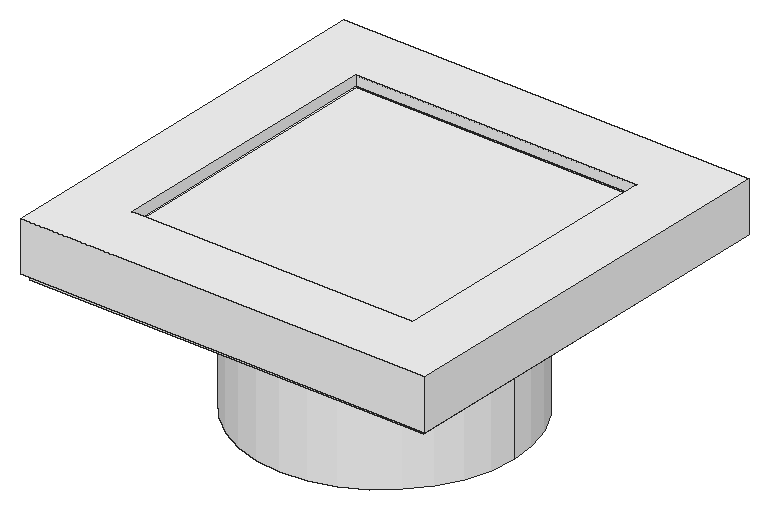
Revit family "Gira_029603", category Electrical Fixtures, host Face, Revit 2017
Family settings
  Host = Face
  Maintain Annotation Orientation = Yes
  Round Connector Dimension = Use Diameter
  Part Type = Normal
  Cut with Voids When Loaded = No
  Shared = No
  Room Calculation Point = No
Parameters (values of type "Wippe System 55 Reinweiß")
  White [instance] = White
  Werkstoffgüte = "Thermoplast"
  Werkstoff = "Kunststoff"
  Verwendung = "Schalter/Taster"
  URL = "http://katalog.gira.de/de_DE/datenblatt.html?artikelnr=029603"
  Region = "DE"
  RAL-Nummer (ähnlich) = "9010 "
  Oberfläche = "sonstige"
  Name = "Wippe System 55 Reinweiß"
  Model = "Sys55_Komplettgerät_Schalten und Tasten"
  Mit austauschbarer Linse/Symbol = "No"
  Mit Beschriftungsfeld = "No"
  Manufacturer URL = "https://www.gira.de/"
  Kontrollfenster/Lichtauslass = "No"
  HeinzeBIM = "https://bimportal.heinze.de/bim/wippe-system-55-reinweiss/a55e00bda79fb94a13a75ee73137dbaa98c1a2b5"
  Halogenfrei = "Yes"
  HAN = "029603"
  Geeignet für Schutzart (IP) = "IP20"
  Geeignet für Bussystem-Tasterankopplung = "Yes"
  GTIN = "4010337296034"
  Farbe = "weiß"
  Default Elevation = 1219.2 mm
  Data sheet (1) = "https://katalog.gira.de/de_DE/download.html?artikelnr=029603"
  Category = "Abdeckung/Bedienelement für Installationsschalterprogramme"
  Befestigungsart = "Klemmbefestigung"
  Available = "Yes"
  Ausführung der Oberfläche = "glänzend"
  Ausführung = "einteilige Wippe"
  Aufdruck/Kennzeichnung = "ohne Aufdruck"
  Abtastbares Symbol/barrierefrei = "No"
Reference planes
  plane 1 "Center (Front/Back)": y = 0
  plane 2: z = 0
  plane 3 "Center (Left/Right)": x = 0
Forms (mm)
  Extrusion 1, solid, material "White" <- "White", detail levels medium
    sketch origin (0, 0, 0) x (1, 0, 0) y (0, 1, 0)
      loop
        line (-40.4, 40.4) -> (-40.4, -40.4) -> (40.4, -40.4) -> (40.4, 40.4) -> (-40.4, 40.4)
      loop
        line (-28, 28) -> (-28, -28) -> (28, -28) -> (28, 28) -> (-28, 28)
    from 0 to 10
  Extrusion 2, solid, material "White" <- "White", detail levels fine
    sketch origin (0, 0, 0) x (1, 0, 0) y (0, 1, 0)
      loop
        line (-40.4, 40.4) -> (-40.4, -40.4) -> (40.4, -40.4) -> (40.4, 40.4) -> (-40.4, 40.4)
      loop
        line (-28, 28) -> (-28, -28) -> (28, -28) -> (28, 28) -> (-28, 28)
    from 0 to 10
  Extrusion 3, void
    sketch origin (0, 0, 0) x (1, 0, 0) y (0, 1, 0)
      loop
        line (-38.4, 38.4) -> (-38.4, -38.4) -> (38.4, -38.4) -> (38.4, 38.4) -> (-38.4, 38.4)
    from 0 to 8
  Extrusion 4, solid, material "White" <- "White", detail levels medium+fine
    sketch origin (0, 0, 0) x (1, 0, 0) y (0, 1, 0)
      loop
        line (-39.4, 39.4) -> (-39.4, -39.4) -> (39.4, -39.4) -> (39.4, 39.4) -> (-39.4, 39.4)
    from 0 to -1
  Extrusion 5, solid, material "White" <- "White", detail levels medium+fine
    sketch origin (0, 0, 0) x (1, 0, 0) y (0, 1, 0)
      loop
        line (-35.5, 35.5) -> (-35.5, -35.5) -> (35.5, -35.5) -> (35.5, 35.5) -> (-35.5, 35.5)
    from -2 to -3
  Extrusion 6, solid, material "White" <- "White", detail levels medium+fine
    sketch origin (0, 0, 0) x (1, 0, 0) y (0, 1, 0)
      loop
        circle (0, 0) r 26
    from 0 to -27.5
  Extrusion 7, solid, material "White" <- "White", detail levels coarse
    sketch origin (0, 0, 0) x (1, 0, 0) y (0, 1, 0)
      loop
        line (-40.4, 40.4) -> (-40.4, -40.4) -> (40.4, -40.4) -> (40.4, 40.4) -> (-40.4, 40.4)
    from -27.5 to 10
Cuts and joins
  Extrusion 3 cuts Extrusion 2
Dimensions and locks
  aligned and locked: plane 2 to host face
  aligned and locked: level to host face
  aligned and locked: plane 3 "Center (Left/Right)" to nested 2
  aligned and locked: plane 1 "Center (Front/Back)" to nested 2
Nested families
  nested 1: "Sys55_Abdeckung_Schalten und Tasten_floor_base" at (0, 0, 0), type "Sys55_Abdeckung_Schalten und Tasten_floor_base"
  nested 2: "Schalter" at (0, 0, 0), type "Schalter"
Connectors
  electrical at (0, 0, -27.5)
    settings: on Extrusion 6, index 1, voltage 220 V, apparent load 0 VA, apparent load phase1 0 VA, apparent load phase2 0 VA, apparent load phase3 0 VA, power factor 1, load classification "Other", number of poles 1, system type 30, power factor state 1, is connector primary yes, connector utility no, sub classification motor no, connector description ""
Definition of nested family "Sys55_Abdeckung_Schalten und Tasten_floor_base"
  Parameters
    Default Elevation = 1219.2 mm
    White [instance] = none
  Reference planes
    plane 1 "Center (Front/Back)": y = 0
    plane 2: z = 0
    plane 3 "Center (Left/Right)": x = 0
  Forms (mm)
    Extrusion 1, solid
      sketch origin (0, 0, 0) x (1, 0, 0) y (0, 1, 0)
        loop
          line (-1219.2, 1219.2) -> (-1219.2, -1219.2) -> (1219.2, -1219.2) -> (1219.2, 1219.2) -> (-1219.2, 1219.2)
      from 0 to -304.8
    Extrusion 2, solid, material <- "White", detail levels fine
      sketch origin (0, 0, 0) x (1, 0, 0) y (0, 1, 0)
        loop
          line (-27.5, 27.5) -> (-27.5, -27.5) -> (27.5, -27.5) -> (27.5, 27.5) -> (-27.5, 27.5)
      from 0 to 8
    Extrusion 3, void
      sketch origin (0, 0, 0) x (1, 0, 0) y (0, 1, 0)
        loop
          line (26, 26) -> (-26, 26) -> (-26, -26) -> (26, -26) -> (26, 26)
      from 0 to 6
    Extrusion 4, solid, material <- "White", detail levels medium
      sketch origin (0, 0, 0) x (1, 0, 0) y (0, 1, 0)
        loop
          line (-27.5, 27.5) -> (-27.5, -27.5) -> (27.5, -27.5) -> (27.5, 27.5) -> (-27.5, 27.5)
      from 0 to 8
    Extrusion 5, solid, material <- "White", detail levels medium
      sketch origin (0, 0, 0) x (1, 0, 0) y (0, 1, 0)
        loop
          line (11, -17.5) -> (11, 17.5) -> (-11, 17.5) -> (-11, -17.5) -> (11, -17.5)
      from -6 to 6
    Extrusion 6, solid, material <- "White", detail levels fine
      sketch origin (0, 0, 0) x (1, 0, 0) y (0, 1, 0)
        loop
          line (11, 17.5) -> (-11, 17.5) -> (-11, 16.5) -> (11, 16.5) -> (11, 17.5)
        loop
          line (-11, -16.5) -> (-11, -17.5) -> (11, -17.5) -> (11, -16.5) -> (-11, -16.5)
      from -4 to 6
    Extrusion 7, solid, material <- "White", detail levels fine
      sketch origin (0, 0, 0) x (1, 0, 0) y (0, 1, 0)
        loop
          arc (5, 9.347) -> (0, 10.6) -> (-5, 9.347) r 10.6
          line (-5, 9.347) -> (-5, -9.347)
          arc (-5, -9.347) -> (0, -10.6) -> (5, -9.347) r 10.6
          line (5, -9.347) -> (5, 9.347)
      from -6 to 6
    Extrusion 8, solid, material <- "White", detail levels coarse
      sketch origin (0, 0, 0) x (1, 0, 0) y (0, 1, 0)
        loop
          line (-27.5, 27.5) -> (-27.5, -27.5) -> (27.5, -27.5) -> (27.5, 27.5) -> (-27.5, 27.5)
      from -6 to 8
  Cuts and joins
    Extrusion 3 cuts Extrusion 2
  Dimensions and locks
    aligned and locked: plane 2 to Extrusion 1
    aligned and locked: level to Extrusion 1
Definition of nested family "Schalter"
  Reference planes
    plane 1: y = 0
    plane 2: x = 0
  Lines and regions (mm)
    detail lines
      curve 1: circle (1.375, 2.778, 0) r 0.8 normal (0, 0, 1)
      curve 2: line (1.021, 2.061, 0) -> (0, 0, 0)
      curve 3: line (0, 0, 0) -> (-0.538, 0.266, 0)
  Dimensions and locks
    curve 2 to curve 2 = 2.3 mm
    curve 3 to curve 2 = 0.6 mm
    radius of curve 1 = 0.8 mm
